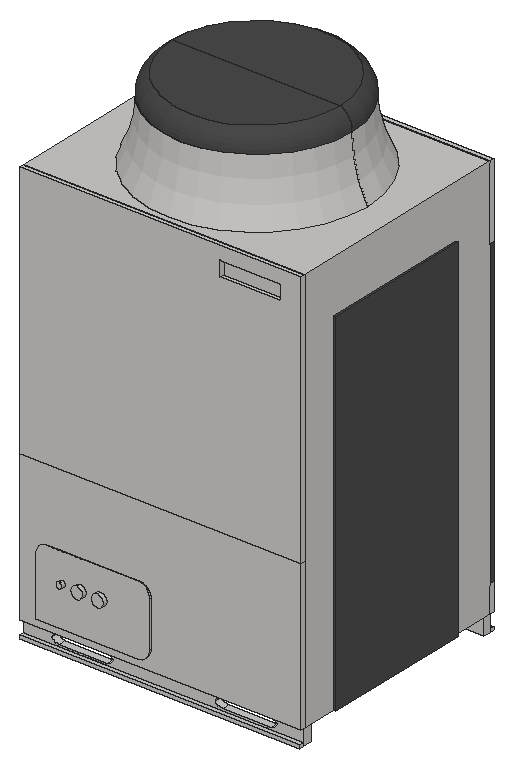
Revit family
Parameters (values of type "PUHY-HP72THMU")
  Width = 36 1/4"
  URL = ""
  Type Comments = ""
  Subcategory = "HVAC"  # constant formula
  Specification URL = "http://www.mrslim.com/customerCare/resources.asp"
  Sound Pressure Levels (dB(A)) = "56"
  SmartBIM Object Version = 3  # constant formula
  SmartBIM Object Created By = "Reed Construction Data"  # constant formula
  Refrigerant Type = "R410A"  # constant formula
  Refrigerant Charge = "19lbs 13oz"
  Refrigent Service Valve (Liquid) Radius = 3/8"
  Refrigent Service Valve (Gas) Radius = 193/256"
  Protection Devices Inverter = "Overcurrent / Overheat Protection, Thermal Switch"  # constant formula
  Protection Devices High Pressure Protection = " 601 psi/4.15 MPa "  # constant formula
  Protection Devices Compressor / Fan = "Discharge Thermo / Overcurrent Protection"  # constant formula
  Power Supply Unit = 151/256"
  Power Source = "208-230/3/60"
  Heating Power Input = "6.28 kW"
  External Material = none
  Cooling Power Input = "5.90 kW"
  Refrigerant Pipe Diameter (Gas) = "3/4\""
  Refrigerant Pipe Diameter (Liquid) = "1/2\""
  Unit Weight (LBS) = "486"
  Model = "PUHY-HP72THMU"
  Manufacturer URL = "http://www.mrslim.com/customerCare/resources.asp"
  Manufacturer = "Mitsubishi Electric"  # constant formula
  Lubricant = "MEL32"  # constant formula
  Left Air Inlet Width = 19 175/256"
  Left Air Inlet Height = 45 11/16"
  Installation URL = "http://www.mrslim.com/customerCare/resources.asp"
  Indoor Unit Total Capacity = "50% –130% of Outdoor Unit Capacity"
  Indoor Unit Model/Quantity = "P06-P72 / 1 ~ 13"
  Height = 64 31/32"
  Heating Outdoor = "-13°F ~ +60°F (-25 ~ +16°C) WB"  # constant formula
  Heating Capacity (BTU) = "80000"
  Fan Motor Output = "0.92 kW"  # constant formula
  MCA = "53"
  MOCP = "60"
  External Finish = Pre-coated Galvanized-steel Sheets
  Description = "Hyper Heat"  # constant formula
  Depth = 29 15/16"
  Default Elevation = 48"
  Cooling Outdoor = "23°F ~ 109°F (-5 ~ +43°C) DB"  # constant formula
  Fan Type x Quantity = "Propeller Fan x 1"  # constant formula
  Heating Current = "19.4 / 17.6A"
  Cooling Current = "18.2 / 16.5 A"
  Cooling Capacity (BTU) = "72000"
  Compressor Type = "Inverter scroll hermetic"
  Compressor Motor Output = "5.3 kW"  # constant formula
  Fan Air Flow Rate = "7,950 cfm"  # constant formula
  Compressor Case Heater = "0.057 kW"  # constant formula
  Back Air Inlet Width = 36 7/32"
  Assembly Code = "D3050200"
  Air Outlet Radius = 15 25/128"
  Air Outlet Unit Material = Metal Grille
  Air Inlet Unit Material = Grille
  Air Inlet Radius = 10 53/64"
  Air Inlet Height = 23 159/256"
  Back Air Inlet Height = 39 95/256"
  95 CSI = "15670"  # constant formula
  04 CSI = "23 81 26"  # constant formula
Types (4): name | Type Comments | Sound Pressure Levels (dB(A)) | Refrigerant Charge | Refrigent Service Valve (Liquid) Radius | Refrigent Service Valve (Gas) Radius | Heating Power Input | Cooling Power Input | Refrigerant Pipe Diameter (Gas) | Refrigerant Pipe Diameter (Liquid) | Unit Weight (LBS) | Model | Indoor Unit Model/Quantity | Heating Capacity (BTU) | MCA | MOCP | Heating Current | Cooling Current | Cooling Capacity (BTU) | Compressor Type | Air Inlet Unit Material
  PUHY-HP72THMU | "" | "56" | "19lbs 13oz" | 3/8" | 193/256" | "6.28 kW" | "5.90 kW" | "3/4\"" | "1/2\"" | "486" | "PUHY-HP72THMU" | "P06-P72 / 1 ~ 13" | "80000" | "53" | "60" | "19.4 / 17.6A" | "18.2 / 16.5 A" | "72000" | "Inverter scroll hermetic" | Grille
  PUHY-HP96THMU | "" | "57" | "19lbs 13oz" | 1/2" | 7/8" | "9.13 kW" | "8.73 kW" | "7/8\"" | "1/2\"" | "486" | "PUHY-HP96THMU" | "P06-P72 / 1 ~ 13" | "108000" | "71" | "75" | "28.2 / 25.5 A" | "27.0 / 24.4 A" | "96000" | "Inverter scroll hermetic" | Grille
  PUHY-HP144THMU | "2xPUHY-HP72THMU" | "59" | "2x19lbs 13oz" | 101/256" | 151/256" | "12.94 kW" | "12.15 kW" | "1-1/8\"" | "1/2\"" | "2x486" | "PUHY-HP144THMU" | "P06-P96 / 1 ~ 22" | "160000" | "2x53" | "2x60" | "40.0 / 36.1 A" | "37.5 / 33.9 A" | "144000" | "Inverter-driven Scroll Hermeticscroll hermetic" | Metal Grille
  PUHY-HP192THMU | "2xPUHY-HP96THMU" | "60" | "19lbs 13oz" | 101/256" | 151/256" | "18.81 kW" | "17.98 kW" | "1-1/8\"" | "5/8\"" | "2x486" | "PUHY-HP192THMU" | "P06-P96 / 1 ~ 24" | "216000" | "2x71" | "2x75" | "58.1 / 52.5 A" | "55.5 / 50.2 A" | "192000" | "Inverter scroll hermetic" | Grille
Reference planes (in)
  plane 1 "Center (Front/Back)": y = 0
  plane 2: z = 0
  plane 3 "Center (Left/Right)": x = 0
  plane 4 "Top": z = 64.96875
  plane 5: y = 14.96875
  plane 6: y = -14.96875
  plane 7: x = -18.125
  plane 8: x = 18.125
  plane 9: z = 69.88235
  plane 10: z = 54.53568
  plane 11: z = 3.07087
  plane 12: z = 23.33858
  plane 13: z = 51.17323
  plane 14: z = 1.19759
Forms (in)
  Extrusion 1, solid, material "Pre-coated Galvanized-steel Sheets"
    sketch origin (-55.30301, 12.75591, 12.33018) x (0, 0, -1) y (1, 0, 0)
      loop
        arc (0.23085, 40.86717) -> (0.6921, 39.75362) -> (1.80566, 39.29237) r 1.5748
        line (1.80566, 39.29237) -> (9.22441, 39.29237) -> (9.22441, 52.49611)
        arc (9.22441, 52.49611) -> (8.76316, 53.60966) -> (7.64961, 54.07091) r 1.5748
        line (7.64961, 54.07091) -> (1.80566, 54.07091)
        arc (1.80566, 54.07091) -> (0.6921, 53.60966) -> (0.23085, 52.49611) r 1.5748
        line (0.23085, 52.49611) -> (0.23085, 40.86717)
    from 28.34646 to 28.47201
  Extrusion 2, solid, material "Pre-coated Galvanized-steel Sheets"
    sketch origin (-55.30301, -15.7161, 12.33018) x (0, 0, -1) y (1, 0, 0)
      loop
        circle (3.99865, 42.69696) r 0.375
      loop
        circle (4.04978, 44.99764) r 0.75391
      loop
        circle (4.04978, 47.6562) r 0.7874
    from -0.12555 to 0.43738
Cuts and joins
  joined: Extrusion 1, Extrusion 2
Dimensions and locks (in)
  "Height": plane 4 "Top" to level
  equal spacing: plane 6, plane 1 "Center (Front/Back)", plane 5
  "Depth": plane 6 to plane 5
  equal spacing: plane 7, plane 3 "Center (Left/Right)", plane 8
  "Width": plane 7 to plane 8
  plane 4 "Top" to plane 10 = 10.43307"
  plane 11 to level = 3.07087"
  plane 12 to plane 11 = 20.26772"
  plane 10 to level = 54.53568"
  locked: Extrusion 1 to Extrusion 1 at 0.12555
  nested 1 to nested 1 = 45 11/16"
  locked: plane 11 to plane 14 at 1.87328
  "Refrigent Service Valve (Liquid) Radius": radius of Extrusion 2 sketch curve
  "Refrigent Service Valve (Gas) Radius": radius of Extrusion 2 sketch curve
Automatic sketch dimensions
  Extrusion 1 sketch curve to plane 3 "Center (Left/Right)" = 2.8069"
  plane 11 to Extrusion 1 sketch curve = 9.02846"
  Extrusion 1 sketch curve to Extrusion 1 sketch curve = 1.5748"  (x2)
  plane 11 to Extrusion 1 sketch curve = 1.60971"
  plane 11 to Extrusion 1 sketch curve = 0.03491"
  Extrusion 1 sketch curve to plane 7 = 3.68916"
  Extrusion 2 sketch curve to Extrusion 1 = 3.7678"
  Extrusion 2 sketch curve to Extrusion 1 = 3.81893"
  Extrusion 2 sketch curve to Extrusion 2 sketch curve = 0.05113"
  Extrusion 2 sketch curve to Extrusion 1 = 3.40459"
  Extrusion 2 sketch curve to Extrusion 2 sketch curve = 2.30068"
  Extrusion 2 sketch curve to Extrusion 2 sketch curve = 2.65856"
  radius of Extrusion 2 sketch curve = 0.7874"
Nested families (in)
  nested 1: "Out-Door-Unit" at (-0.08165, 0.01178, 0), type "Out-Door-Unit-R2-Series_Mistdubishi_Electric"
Connectors (in)
  electrical at (-7.64681, -16.15348, 8.28041)
    settings: on cut or joined group of Extrusion 1, Extrusion 2, index 8
  piping at (-10.30538, -16.15348, 8.28041), driven by "Refrigent Service Valve (Gas) Radius"
    settings: on cut or joined group of Extrusion 1, Extrusion 2, index 9
  piping at (-12.60606, -16.15348, 8.33153), driven by "Refrigent Service Valve (Liquid) Radius"
    settings: on cut or joined group of Extrusion 1, Extrusion 2, index 10
Definition of nested family "Out-Door-Unit"
  Parameters (values of type "Out-Door-Unit-R2-Series_Mistdubishi_Electric")
    Width = 36 7/32"
    Refig Service Valve (Liquid) Radius = 3/8"
    Refig Service Valve (Gas) Radius = 193/256"
    Power Supply Unit = 151/256"
    Power Outlet Radius = 101/128"
    Left Air Inlet Width = 19 175/256"
    Left Air Inlet Height = 45 11/16"
    Height = 64 123/128"
    External Material = Pre-coated Galvanized-steel Sheets
    Depth = 29 59/64"
    Default Elevation = 48"
    Back Air Inlet Width = 36 7/32"
    Assembly Code = ""
    Air Outlet Unit Radius = 15 25/128"
    Air Outlet Unit Material = Metal Grille
    Air Inlet Radius = 10.82677"  # constant formula
    Air Inlet Unit Material = Grille
    Air Inlet Height = 23 159/256"
    Air Inlet Bck Unit Height = 39 95/256"
  Reference planes (in)
    plane 1 "Center (Front/Back)": y = -0.01178
    plane 2: z = 0
    plane 3 "Center (Left/Right)": x = 0.08165
    plane 4: x = -18.02773
    plane 5: x = 18.19102
    plane 6: y = 14.94916
    plane 7: y = -14.97272
    plane 8: z = 64.96094
    plane 9: z = 27.26393
    plane 10: z = 54.52787
    plane 11: z = 3.07087
    plane 12: y = -10.36642
    plane 13: y = -14.57902
    plane 14: y = 10.34286
    plane 15: z = 44.99314
    plane 16: z = 21.37205
    plane 17: y = -15.60264
    plane 18: y = 15.57908
    plane 19: z = 33.18259
    plane 20: y = 14.55546
    plane 21: z = 62.40188
    plane 22: z = 5.62205
    plane 23: x = -18.42143
    plane 24: x = 10.90842
    plane 25: z = 47.81921
    plane 26: y = 11.72838
    plane 27: z = 5.62205
    plane 28: z = 1.48819
    plane 29: z = 2.13337
  Forms (in)
    Extrusion 1, solid, material "Pre-coated Galvanized-steel Sheets" <- "External Material"
      sketch origin (0, 0, 0) x (1, 0, 0) y (0, 1, 0)
        loop
          line (-18.02773, 14.94916) -> (-18.02773, -14.97272) -> (18.19102, -14.97272) -> (18.19102, 14.94916) -> (-18.02773, 14.94916)
      from 2.13337 to 54.52787
    Revolve 2, solid, material "Pre-coated Galvanized-steel Sheets" <- "External Material"
      sketch origin (0, -0.01178, 0) x (1, 0, 0) y (0, 0, 1)
        loop
          line (0.08165, 54.52787) -> (14.37298, 54.52787)
          arc (14.37298, 54.52787) -> (12.82969, 58.33014) -> (12.31978, 62.40188) r 15.76781
          line (12.31978, 62.40188) -> (0.08165, 62.40188) -> (0.08165, 54.52787)
        axis (0.08165, 54.52787) -> (0.08165, 62.40188)
      angle from 0 to 360
    Revolve 3, solid, material "Grille" <- "Air Inlet Unit Material"
      sketch origin (0, -0.01178, 0) x (1, 0, 0) y (0, 0, 1)
        loop
          line (0.08165, 62.40188) -> (12.32526, 62.40188)
          arc (12.32526, 62.40188) -> (12.01423, 63.90143) -> (10.90842, 64.96094) r 2.58167
          line (10.90842, 64.96094) -> (0.08165, 64.96094) -> (0.08165, 62.40188)
        axis (0.08165, 62.40188) -> (0.08165, 64.96094)
      angle from 0 to 360
    Extrusion 4, solid, material "Pre-coated Galvanized-steel Sheets" <- "External Material"
      sketch origin (0, 0, 0) x (1, 0, 0) y (0, 1, 0)
        loop
          line (-18.02773, -15.60264) -> (18.19102, -15.60264) -> (18.19102, -14.97272) -> (-18.02773, -14.97272) -> (-18.02773, -15.60264)
      from 21.37205 to 54.52787
    Extrusion 5, solid, material "Pre-coated Galvanized-steel Sheets" <- "External Material"
      sketch origin (0, 0, 0) x (1, 0, 0) y (0, 1, 0)
        loop
          line (-18.02773, -14.97272) -> (-18.02773, -15.60264) -> (18.19102, -15.60264) -> (18.19102, -14.97272) -> (-18.02773, -14.97272)
      from 2.13337 to 21.37205
    Extrusion 6, solid, material "Pre-coated Galvanized-steel Sheets" <- "External Material"
      sketch origin (0, 0, 0) x (1, 0, 0) y (0, 1, 0)
        loop
          line (-18.02773, 15.57908) -> (-18.02773, 14.94916) -> (18.19102, 14.94916) -> (18.19102, 15.57908) -> (-18.02773, 15.57908)
      from 2.13337 to 5.62205
    Extrusion 7, solid, material "Pre-coated Galvanized-steel Sheets" <- "External Material"
      sketch origin (0, 0, 0) x (1, 0, 0) y (0, 1, 0)
        loop
          line (-18.02773, 14.94916) -> (18.19102, 14.94916) -> (18.19102, 15.57908) -> (-18.02773, 15.57908) -> (-18.02773, 14.94916)
      from 44.99314 to 54.52787
    Extrusion 8, solid, material "Metal Grille" <- "Air Outlet Unit Material"
      sketch origin (17.79087, 0, 0) x (1, 0, 0) y (0, 1, 0)
        loop
          line (-35.8186, 15.57908) -> (-35.8186, 14.94916) -> (0.40015, 14.94916) -> (0.40015, 15.57908) -> (-35.8186, 15.57908)
      from 5.62205 to 44.99314
    Extrusion 9, void
      sketch origin (0, -0.01178, 0) x (1, 0, 0) y (0, 0, 1)
        loop
          line (7.78102, 52.83515) -> (7.78102, 50.86664) -> (15.65503, 50.86664) -> (15.65503, 52.83515) -> (7.78102, 52.83515)
      from 14.96094 to 15.59086
    Extrusion 10, solid, material "Metal Grille" <- "Air Outlet Unit Material"
      sketch origin (0.08165, 0, 0) x (0, 1, 0) y (0, 0, 1)
        loop
          line (9.31718, 47.81921) -> (-10.36642, 47.81921) -> (-10.36642, 2.13171) -> (9.31718, 2.13171) -> (9.31718, 47.81921)
      from -18.50308 to -18.10937
    Extrusion 11, solid, material "Metal Grille" <- "Air Outlet Unit Material"
      sketch origin (0.08165, 0, 0) x (0, 1, 0) y (0, 0, -1)
        loop
          line (9.31718, -47.81921) -> (9.31718, -2.13171) -> (-10.36642, -2.13171) -> (-10.36642, -47.81921) -> (9.31718, -47.81921)
      from -18.50394 to -18.11024
    Extrusion 12, void
      sketch origin (0.05209, -28.30291, -0.00015) x (1, 0, 0) y (0, 0, -1)
        loop
          line (7.54228, -1.80205) -> (13.72252, -1.80205)
          arc (13.72252, -1.80205) -> (14.26786, -1.63716) -> (14.63048, -1.19773) r 0.98425
          arc (14.63048, -1.19773) -> (14.26786, -0.7583) -> (13.72252, -0.59341) r 0.98425
          line (13.72252, -0.59341) -> (7.54228, -0.59341)
          arc (7.54228, -0.59341) -> (6.99693, -0.7583) -> (6.63431, -1.19773) r 0.98425
          arc (6.63431, -1.19773) -> (6.99693, -1.63716) -> (7.54228, -1.80205) r 0.98425
      from 11.6825 to 15.56496
    Extrusion 13, void
      sketch origin (0.21538, -28.30291, -0.00015) x (-1, 0, 0) y (0, 0, 1)
        loop
          arc (7.54228, 1.80205) -> (6.99693, 1.63716) -> (6.63431, 1.19773) r 0.98425
          arc (6.63431, 1.19773) -> (6.99693, 0.7583) -> (7.54228, 0.59341) r 0.98425
          line (7.54228, 0.59341) -> (13.72252, 0.59341)
          arc (13.72252, 0.59341) -> (14.26786, 0.7583) -> (14.63048, 1.19773) r 0.98425
          arc (14.63048, 1.19773) -> (14.26786, 1.63716) -> (13.72252, 1.80205) r 0.98425
          line (13.72252, 1.80205) -> (7.54228, 1.80205)
      from 9.79631 to 16.31496
    Extrusion 14, solid, material "Pre-coated Galvanized-steel Sheets" <- "External Material"
      sketch origin (0.13373, -1.28319, -0.00015) x (0, -1, 0) y (0, 0, -1)
        loop
          line (14.31924, 0) -> (13.68932, 0) -> (13.68932, -0.3937) -> (14.31924, -0.3937) -> (14.31924, 0)
      from -18.19188 to 18.02859
    Extrusion 15, solid, material "Pre-coated Galvanized-steel Sheets" <- "External Material"
      sketch origin (0.05209, -28.31865, -0.00015) x (1, 0, 0) y (0, 0, -1)
        loop
          line (-18.10937, 0) -> (-18.10937, -2.12598) -> (18.10938, -2.12598) -> (18.10938, 0) -> (-18.10937, 0)
      from 14.33071 to 13.34646
    Extrusion 16, void
      sketch origin (0.05209, 28.27935, -0.00015) x (1, 0, 0) y (0, 0, 1)
        loop
          arc (7.54228, 1.80205) -> (6.99693, 1.63716) -> (6.63431, 1.19773) r 0.98425
          arc (6.63431, 1.19773) -> (6.99693, 0.7583) -> (7.54228, 0.59341) r 0.98425
          line (7.54228, 0.59341) -> (13.72252, 0.59341)
          arc (13.72252, 0.59341) -> (14.26786, 0.7583) -> (14.63048, 1.19773) r 0.98425
          arc (14.63048, 1.19773) -> (14.26786, 1.63716) -> (13.72252, 1.80205) r 0.98425
          line (13.72252, 1.80205) -> (7.54228, 1.80205)
      from 11.6825 to 15.56496
    Extrusion 17, void
      sketch origin (0.21538, 28.27935, -0.00015) x (-1, 0, 0) y (0, 0, -1)
        loop
          line (7.54228, -1.80205) -> (13.72252, -1.80205)
          arc (13.72252, -1.80205) -> (14.26786, -1.63716) -> (14.63048, -1.19773) r 0.98425
          arc (14.63048, -1.19773) -> (14.26786, -0.7583) -> (13.72252, -0.59341) r 0.98425
          line (13.72252, -0.59341) -> (7.54228, -0.59341)
          arc (7.54228, -0.59341) -> (6.99693, -0.7583) -> (6.63431, -1.19773) r 0.98425
          arc (6.63431, -1.19773) -> (6.99693, -1.63716) -> (7.54228, -1.80205) r 0.98425
      from 9.79631 to 16.31496
    Extrusion 18, solid, material "Pre-coated Galvanized-steel Sheets" <- "External Material"
      sketch origin (0.13373, 1.25963, -0.00015) x (0, 1, 0) y (0, 0, 1)
        loop
          line (14.31924, 0) -> (14.31924, 0.3937) -> (13.68932, 0.3937) -> (13.68932, 0) -> (14.31924, 0)
      from -18.19188 to 18.02859
    Extrusion 19, solid, material "Pre-coated Galvanized-steel Sheets" <- "External Material"
      sketch origin (0.05209, 28.29509, -0.00015) x (1, 0, 0) y (0, 0, 1)
        loop
          line (-18.10937, 0) -> (18.10938, 0) -> (18.10938, 2.12598) -> (-18.10937, 2.12598) -> (-18.10937, 0)
      from 14.33071 to 13.34646
  Cuts and joins
    Extrusion 9 cuts Extrusion 1
    Extrusion 12, Extrusion 13, Extrusion 16, Extrusion 17 cuts Extrusion 15
    Extrusion 16, Extrusion 17 cuts Extrusion 19
    joined: Extrusion 1, Extrusion 14, Extrusion 15, Extrusion 18, Extrusion 19
    Extrusion 9 cuts Extrusion 4
  Dimensions and locks (in)
    equal spacing: plane 4, plane 3 "Center (Left/Right)", plane 5
    "Width": plane 4 to plane 5
    equal spacing: plane 6, plane 1 "Center (Front/Back)", plane 7
    "Depth": plane 6 to plane 7
    locked: plane 8 to Revolve 2 sketch curve at 2.55906
    locked: plane 12 to plane 7 at 4.6063
    locked: plane 13 to plane 7 at 0.3937
    locked: plane 6 to plane 14 at 4.6063
    locked: plane 7 to plane 17 at 0.62992
    locked: plane 18 to plane 6 at 0.62992
    equal spacing: plane 15, plane 19, plane 16
    "Air Inlet Height": plane 15 to plane 16
    locked: plane 6 to plane 20 at 0.3937
    locked: plane 21 to plane 10 at 7.87402
    locked: plane 8 to plane 21 at 2.55906
    plane 8 to plane 10 = 10.43307"
    "Height": plane 8 to level
    equal spacing: plane 10, plane 9, level
    plane 10 to level = 54.52787"
    locked: Extrusion 9 sketch curve to Extrusion 9 sketch curve at 1.9685
    locked: Extrusion 9 sketch curve to Extrusion 9 sketch curve at 7.87402
    "Air Inlet Bck Unit Height": plane 22 to plane 15
    locked: plane 4 to plane 23 at 0.3937
    "Air Inlet Radius": Revolve 3 sketch curve to plane 3 "Center (Left/Right)"
    "Air Inlet Radius": plane 24 to plane 3 "Center (Left/Right)"
    locked: Revolve 2 sketch curve to plane 24 at 3.46457
    locked: Revolve 2 sketch curve to plane 24 at 1.41137
    locked: plane 10 to plane 25 at 6.70866
    locked: plane 26 to plane 1 "Center (Front/Back)" at 11.74016
    locked: plane 27 to plane 11 at 2.55118
    "Left Air Inlet Height": Extrusion 10 sketch curve to Extrusion 10 sketch curve
    "Left Air Inlet Width": Extrusion 10 sketch curve to Extrusion 10 sketch curve
    "Back Air Inlet Width": Extrusion 8 sketch curve to Extrusion 8 sketch curve
    "Left Air Inlet Height": Extrusion 11 sketch curve to Extrusion 11 sketch curve
    "Left Air Inlet Width": Extrusion 11 sketch curve to Extrusion 11 sketch curve
    Extrusion 12 sketch curve to Extrusion 12 sketch curve = 1.20865"
    Extrusion 13 sketch curve to Extrusion 13 sketch curve = 1.20865"
    Extrusion 16 sketch curve to Extrusion 16 sketch curve = 1.20865"
    Extrusion 17 sketch curve to Extrusion 17 sketch curve = 1.20865"
    Extrusion 10 to cut or joined group of Extrusion 1, Extrusion 9, Extrusion 12, Extrusion 13, Extrusion 14, Extrusion 15, Extrusion 16, Extrusion 17, Extrusion 18, Extrusion 19 = 45.68584"
    aligned and locked: Extrusion 1 sketch curve to plane 4
    aligned and locked: Extrusion 1 sketch curve to plane 6
    aligned and locked: Extrusion 1 sketch curve to plane 5
    aligned and locked: Extrusion 1 sketch curve to plane 7
    aligned and locked: plane 10 to Extrusion 1
    aligned and locked: Revolve 3 sketch curve to Revolve 2
    aligned and locked: Revolve 3 sketch curve to plane 8
    aligned and locked: Extrusion 4 sketch curve to plane 17
    aligned and locked: Extrusion 4 sketch curve to plane 7
    aligned and locked: Extrusion 4 sketch curve to plane 4
    aligned and locked: Extrusion 4 sketch curve to plane 5
    aligned and locked: Extrusion 1 to Extrusion 4
    aligned and locked: Extrusion 5 sketch curve to plane 4
    aligned and locked: Extrusion 5 sketch curve to plane 7
    aligned and locked: Extrusion 5 sketch curve to plane 17
    aligned and locked: Extrusion 5 sketch curve to plane 5
    aligned and locked: Extrusion 6 sketch curve to plane 18
    aligned and locked: Extrusion 6 sketch curve to plane 6
    aligned and locked: Extrusion 6 sketch curve to plane 4
    aligned and locked: Extrusion 6 sketch curve to plane 5
    aligned and locked: Extrusion 7 sketch curve to plane 6
    aligned and locked: Extrusion 7 sketch curve to plane 18
    aligned and locked: Extrusion 7 sketch curve to plane 4
    aligned and locked: Extrusion 7 sketch curve to plane 5
    aligned and locked: Extrusion 8 sketch curve to plane 6
    aligned and locked: plane 15 to Extrusion 8
    aligned and locked: plane 16 to Extrusion 5
    aligned and locked: Extrusion 8 to plane 15
    aligned and locked: Extrusion 7 to plane 15
    aligned and locked: plane 10 to Revolve 2
    aligned and locked: plane 21 to Revolve 2
    aligned and locked: Extrusion 9 to plane 17
    aligned and locked: Extrusion 8 to Extrusion 6
    aligned and locked: plane 7 to Extrusion 9
    aligned and locked: plane 10 to Extrusion 7
    aligned and locked: plane 22 to Extrusion 6
    aligned and locked: plane 18 to Extrusion 8
    aligned and locked: plane 12 to Extrusion 10 sketch curve
    aligned and locked: plane 4 to Extrusion 10
    aligned and locked: Extrusion 10 to plane 23
    aligned and locked: Extrusion 10 sketch curve to plane 25
    aligned and locked: plane 22 to plane 27
    aligned and locked: Extrusion 5 to plane 29
    aligned and locked: Extrusion 1 to Extrusion 5
    aligned and locked: Extrusion 4 to Extrusion 5
    aligned and locked: plane 5 to Extrusion 8
    aligned and locked: Extrusion 8 sketch curve to plane 4
  Automatic sketch dimensions
    Revolve 2 sketch curve to plane 3 "Center (Left/Right)" = 0"  (x2)
    Revolve 2 sketch curve to plane 10 = 0"
    Revolve 2 sketch curve to plane 21 = 0.09321"
    Revolve 2 sketch curve to Revolve 2 sketch curve = 2.3622"
    Revolve 2 sketch curve to Revolve 2 sketch curve = 1.5748"
    Revolve 3 sketch curve to plane 3 "Center (Left/Right)" = 0"  (x2)
    plane 21 to Revolve 3 sketch curve = 0.24906"
    Revolve 3 sketch curve to Revolve 3 sketch curve = 1.15278"
    Revolve 3 sketch curve to Revolve 3 sketch curve = 0.7874"
    Revolve 3 sketch curve to Revolve 3 sketch curve = 0.49213"
    Extrusion 8 sketch curve to plane 18 = 0"
    plane 25 to Extrusion 9 sketch curve = 3.04744"
    plane 3 "Center (Left/Right)" to Extrusion 9 sketch curve = 7.69937"
    Extrusion 11 sketch curve to plane 12 = 0"
    Extrusion 11 sketch curve to plane 25 = 0"
    Extrusion 12 sketch curve to plane 28 = 0.2906"  (x2)
    plane 3 "Center (Left/Right)" to Extrusion 12 sketch curve = 6.60475"
    level to Extrusion 12 sketch curve = 0.59326"
    Extrusion 12 sketch curve to Extrusion 12 sketch curve = 0.90797"  (x2)
    Extrusion 12 sketch curve to Extrusion 12 sketch curve = 0"  (x2)
    Extrusion 12 sketch curve to plane 5 = 4.41642"
    Extrusion 13 sketch curve to plane 28 = 0.2906"  (x2)
    Extrusion 13 sketch curve to plane 3 "Center (Left/Right)" = 6.50058"
    level to Extrusion 13 sketch curve = 0.59326"
    Extrusion 13 sketch curve to Extrusion 13 sketch curve = 0.90797"  (x2)
    Extrusion 13 sketch curve to Extrusion 13 sketch curve = 0"  (x2)
    plane 4 to Extrusion 13 sketch curve = 4.52059"
    plane 7 to Extrusion 14 sketch curve = 0.00021"
    plane 17 to Extrusion 14 sketch curve = 0.00021"
    level to Extrusion 14 sketch curve = 0.39356"
    Extrusion 14 sketch curve to level = 0.00015"
    Extrusion 15 sketch curve to level = 0.00015"
    Extrusion 15 sketch curve to plane 4 = 0.02956"
    Extrusion 15 sketch curve to plane 29 = 0.00753"
    Extrusion 15 sketch curve to plane 5 = 0.02956"
    Extrusion 16 sketch curve to plane 28 = 0.2906"  (x2)
    plane 3 "Center (Left/Right)" to Extrusion 16 sketch curve = 6.60475"
    level to Extrusion 16 sketch curve = 0.59326"
    Extrusion 16 sketch curve to Extrusion 16 sketch curve = 0.90797"  (x2)
    Extrusion 16 sketch curve to Extrusion 16 sketch curve = 0"  (x2)
    Extrusion 16 sketch curve to plane 5 = 4.41642"
    Extrusion 17 sketch curve to plane 28 = 0.2906"  (x2)
    Extrusion 17 sketch curve to plane 3 "Center (Left/Right)" = 6.50058"
    level to Extrusion 17 sketch curve = 0.59326"
    Extrusion 17 sketch curve to Extrusion 17 sketch curve = 0.90797"  (x2)
    Extrusion 17 sketch curve to Extrusion 17 sketch curve = 0"  (x2)
    plane 4 to Extrusion 17 sketch curve = 4.52059"
    Extrusion 18 sketch curve to plane 6 = 0.00021"
    Extrusion 18 sketch curve to plane 18 = 0.00021"
    Extrusion 18 sketch curve to level = 0.00015"
    level to Extrusion 18 sketch curve = 0.39356"
    Extrusion 19 sketch curve to level = 0.00015"
    Extrusion 19 sketch curve to plane 4 = 0.02956"
    Extrusion 19 sketch curve to plane 29 = 0.00753"
    Extrusion 19 sketch curve to plane 5 = 0.02956"
